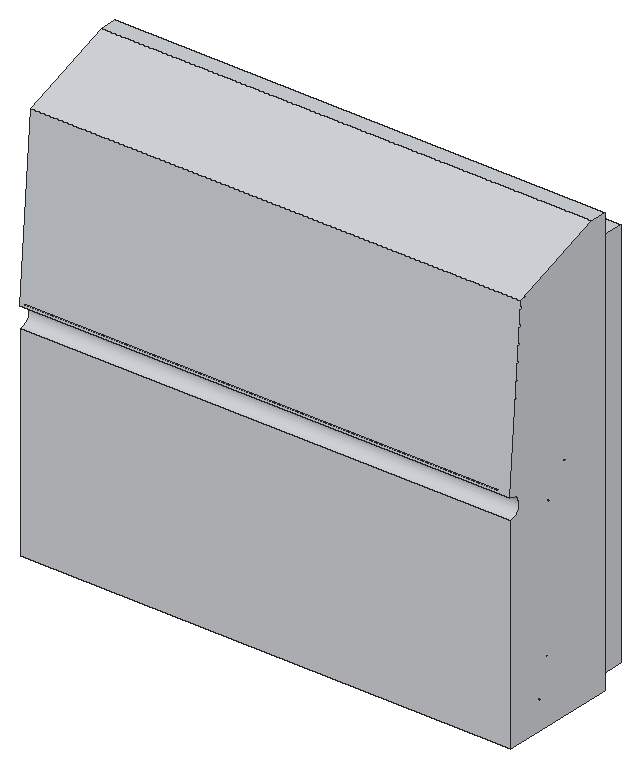
Revit family "Condicionador de Ar - Sistema Split - Não Hospedado - 12-60 kBtu", category Equipamento mecânico, Revit 2019
Family settings
  Cota do conector redondo = Usar raio
  Tipo de parte = Normal
  Com base no plano de trabalho = Não
  Sempre na vertical = Sim
  Corte com vazios quando carregada = Não
  Compartilhado = Não
  Ponto de cálculo do ambiente = Não
Parameters (values of type "Padrão")
  Largura = 228 mm
  Voltagem = 0 V
  Número de pólos = 1
  Deslocamento da lâmina = Comprimento do painel traseiro / 3  # 216.667 mm
  Classificação de carga = Refrigeração
  Comprimento = 700 mm
  Altura = 611.5 mm
  Raio da drenagem = 6.35 mm
  Fluxo da drenagem [instance] = 0.0 GPM
  Diâmetro da drenagem = Raio da drenagem * 2  # 12.7 mm
  Raio DX de saída = 12.7 mm
  Diâmetro DX de saída = Raio DX de saída * 2  # 25.4 mm
  Raio DX de entrada = 12.7 mm
  Diâmetro DX de entrada = Raio DX de entrada * 2  # 25.4 mm
  Fluxo DX [instance] = 0.0 GPM
  Capacidade de refrigeração = 12000 Btu/h
  Comprimento do painel traseiro = 650 mm
  Carga aparente = 0 VA
  Material do ar condicionado = none
Reference planes
  plane 1 "Centro (Frente/Trás)": y = 0
  plane 2: z = 0
  plane 3 "Centro (Esquerda/Direita)": x = 0
  plane 4 "Parte frontal": y = -114
  plane 5 "Parte posterior": y = 114
  plane 6 "Esquerda": x = -350
  plane 7 "Direita": x = 350
  plane 8 "Inferior": z = 0
  plane 9 "Superior": z = 611.5
  plane 10: x = -325
  plane 11: x = 325
  plane 12 "traseira do painel frontal": y = 55
  plane 13: z = 305.75
  plane 14 "Topo do painel traseiro": z = 561.5
  plane 15 "Conexões cl": y = -29.5
Forms (mm)
  Extrusion 1, solid, material <- "Material do ar condicionado"
    sketch origin (0, 0, 0) x (0, 1, 0) y (0, 0, 1)
      loop
        line (-114, 0) -> (55, 0) -> (55, 611.5) -> (31.035, 611.5) -> (-96.139, 565.212) -> (-115.211, 320.704)
        arc (-115.211, 320.704) -> (-99.009, 306.356) -> (-114, 290.747) r 15.003
        line (-114, 290.747) -> (-114, 0)
    from -350 to 350
  Extrusion 2, solid, material <- "Material do ar condicionado"
    sketch origin (0, 55, 0) x (-1, 0, 0) y (0, 0, -1)
      loop
        line (325, -561.5) -> (325, 0) -> (-325, 0) -> (-325, -561.5) -> (325, -561.5)
    from 0 to -59
  Extrusion 3, solid, material <- "Material do ar condicionado"
    sketch origin (350, 0, 0) x (0, 1, 0) y (0, 0, -1)
      loop
        circle (-54.9, -50) r 12.7
      loop
        circle (-42.2, -100) r 12.7
      loop
        circle (-16.8, -75) r 6.35
      loop
        circle (-29.5, -305.75) r 25
    from 0 to 25
Lines and regions (mm)
  model lines
    curve 1: line (-350, -114, 50) -> (350, -114, 50)
    curve 2: line (-350, -114, 255.75) -> (350, -114, 255.75)
    curve 3: line (-350, -114, 75.719) -> (350, -114, 75.719)
    curve 4: line (-350, -114, 101.438) -> (350, -114, 101.438)
    curve 5: line (-350, -114, 127.156) -> (350, -114, 127.156)
    curve 6: line (-350, -114, 152.875) -> (350, -114, 152.875)
    curve 7: line (-350, -114, 178.594) -> (350, -114, 178.594)
    curve 8: line (-350, -114, 204.313) -> (350, -114, 204.313)
    curve 9: line (-350, -114, 230.031) -> (350, -114, 230.031)
    curve 10: line (-325, -72.647, 573.763) -> (325, -72.647, 573.763)
    curve 11: line (-325, 7.542, 602.949) -> (325, 7.542, 602.949)
    curve 12: line (-325, -52.6, 581.06) -> (325, -52.6, 581.06)
    curve 13: line (-325, -32.552, 588.356) -> (325, -32.552, 588.356)
    curve 14: line (-325, -12.505, 595.653) -> (325, -12.505, 595.653)
    curve 15: line (-325, -72.647, 573.763) -> (-325, 7.542, 602.949)
    curve 16: line (325, -72.647, 573.763) -> (325, 7.542, 602.949)
    curve 17: line (108.333, -72.647, 573.763) -> (108.333, 7.542, 602.949)
    curve 18: line (-108.333, -72.647, 573.763) -> (-108.333, 7.542, 602.949)
Dimensions and locks
  equal spacing: plane 6 "Esquerda", plane 3 "Centro (Esquerda/Direita)", plane 7 "Direita"
  "Comprimento": plane 6 "Esquerda" to plane 7 "Direita"
  equal spacing: plane 5 "Parte posterior", plane 1 "Centro (Frente/Trás)", plane 4 "Parte frontal"
  "Largura": plane 4 "Parte frontal" to plane 5 "Parte posterior"
  equal spacing: plane 10, plane 3 "Centro (Esquerda/Direita)", plane 11
  "Comprimento do painel traseiro": plane 10 to plane 11
  locked: plane 12 "traseira do painel frontal" to plane 5 "Parte posterior" at 59
  equal spacing: plane 9 "Superior", plane 13, plane 8 "Inferior"
  "Altura": plane 9 "Superior" to plane 8 "Inferior"
  locked: Extrusion 1 sketch curve to plane 12 "traseira do painel frontal" at 23.965
  locked: plane 9 "Superior" to plane 14 "Topo do painel traseiro" at 50
  locked: plane 13 to curve 2 at 50
  locked: curve 1 to plane 8 "Inferior" at 50
  equal spacing: curve 2, curve 9, curve 8, curve 7, curve 6, curve 5, curve 4, curve 3, curve 1
  locked: curve 11 to Extrusion 1 at 25
  locked: Extrusion 1 to curve 10 at 25
  equal spacing: curve 10, curve 12, curve 13, curve 14, curve 11
  equal spacing: curve 17, plane 3 "Centro (Esquerda/Direita)", curve 18
  "Deslocamento da lâmina": curve 17 to curve 18
  equal spacing: plane 4 "Parte frontal", plane 15 "Conexões cl", plane 12 "traseira do painel frontal"
  locked: Extrusion 3 sketch curve to plane 8 "Inferior" at 50
  "Diâmetro DX de entrada": Extrusion 3 sketch curve to plane 15 "Conexões cl"
  locked: Extrusion 3 sketch curve to plane 8 "Inferior" at 75
  locked: Extrusion 3 sketch curve to plane 8 "Inferior" at 100
  "Raio DX de saída": Extrusion 3 sketch curve to plane 15 "Conexões cl"
  "Diâmetro da drenagem": plane 15 "Conexões cl" to Extrusion 3 sketch curve
  radius of Extrusion 1 sketch curve = 15.003 mm
  "Raio DX de entrada": radius of Extrusion 3 sketch curve
  "Raio DX de saída": radius of Extrusion 3 sketch curve
  "Raio da drenagem": radius of Extrusion 3 sketch curve
  locked: plane 9 "Superior" to Extrusion 1 sketch curve (angle 20.00°)
  locked: Extrusion 1 sketch curve to plane 4 "Parte frontal" (angle 4.46°)
  aligned and locked: level to plane 2
  aligned and locked: plane 8 "Inferior" to plane 2
  aligned and locked: plane 13 to Extrusion 1 sketch curve
  aligned and locked: plane 4 "Parte frontal" to Extrusion 1 sketch curve  (x2)
  aligned and locked: Extrusion 1 sketch curve to plane 8 "Inferior"
  aligned and locked: Extrusion 1 sketch curve to plane 12 "traseira do painel frontal"
  aligned and locked: plane 9 "Superior" to Extrusion 1 sketch curve
  aligned and locked: Extrusion 1 to plane 7 "Direita"
  aligned and locked: Extrusion 1 to plane 6 "Esquerda"
  aligned and locked: plane 8 "Inferior" to Extrusion 2 sketch curve
  aligned and locked: plane 10 to Extrusion 2 sketch curve
  aligned and locked: Extrusion 2 sketch curve to plane 14 "Topo do painel traseiro"
  aligned and locked: plane 11 to Extrusion 2 sketch curve
  aligned and locked: Extrusion 2 to plane 12 "traseira do painel frontal"
  aligned and locked: Extrusion 2 to plane 5 "Parte posterior"
  aligned and locked: plane 6 "Esquerda" to curve 1
  aligned and locked: plane 6 "Esquerda" to curve 3
  aligned and locked: plane 6 "Esquerda" to curve 4
  aligned and locked: plane 6 "Esquerda" to curve 5
  aligned and locked: plane 6 "Esquerda" to curve 6
  aligned and locked: plane 6 "Esquerda" to curve 7
  aligned and locked: plane 6 "Esquerda" to curve 8
  aligned and locked: plane 6 "Esquerda" to curve 9
  aligned and locked: plane 6 "Esquerda" to curve 2
  aligned and locked: plane 7 "Direita" to curve 1
  aligned and locked: plane 7 "Direita" to curve 3
  aligned and locked: plane 7 "Direita" to curve 4
  aligned and locked: plane 7 "Direita" to curve 5
  aligned and locked: plane 7 "Direita" to curve 6
  aligned and locked: plane 7 "Direita" to curve 7
  aligned and locked: plane 7 "Direita" to curve 8
  aligned and locked: plane 7 "Direita" to curve 9
  aligned and locked: plane 7 "Direita" to curve 2
  aligned and locked: plane 10 to curve 11
  aligned and locked: plane 10 to curve 10
  aligned and locked: plane 10 to curve 12
  aligned and locked: plane 10 to curve 13
  aligned and locked: plane 10 to curve 14
  aligned and locked: plane 11 to curve 10
  aligned and locked: plane 11 to curve 12
  aligned and locked: plane 11 to curve 13
  aligned and locked: plane 11 to curve 14
  aligned and locked: plane 11 to curve 11
  aligned and locked: plane 10 to curve 15
  aligned and locked: curve 16 to plane 11
  aligned and locked: curve 10 to curve 16
  aligned and locked: curve 11 to curve 16
  aligned and locked: plane 13 to Extrusion 3 sketch curve
  aligned and locked: plane 15 "Conexões cl" to Extrusion 3 sketch curve
  aligned and locked: Extrusion 3 to plane 7 "Direita"
  aligned and locked: plane 11 to Extrusion 3
Automatic sketch dimensions
  Extrusion 1 sketch curve to plane 4 "Parte frontal" = 1.211 mm
  Extrusion 1 to curve 10 = 25 mm
  curve 11 to curve 18 = 216.667 mm
  curve 18 to curve 17 = 216.667 mm
  Extrusion 1 to curve 16 = 25 mm
  radius of Extrusion 3 sketch curve = 25 mm
Connectors
  electrical at (350, -29.5, 305.75), driven by "Número de pólos", driven by "Classificação de carga", driven by "Voltagem", driven by "Carga aparente"
    settings: on Extrusion 3, index 3, voltage 0 V, apparent load 0 VA, apparent load phase1 0 VA, apparent load phase2 0 VA, apparent load phase3 0 VA, power factor 0.8, load classification "Refrigeração", number of poles 1, system type 30, power factor state 1, is connector primary yes, connector utility no, sub classification motor no, connector description "Potência"
  piping at (350, -54.9, 50), diameter 25.4, driven by "Fluxo DX", driven by "Raio DX de entrada"
    settings: on Extrusion 3, index 4, connector inside diameter 25.4 mm, connector length 0 mm, flow factor 0, pipe flow 0.0 GPM, pressure drop 0.0 Pa, fitting loss kfactor 0, connector angle 0.00°, fixture units 0, engagement length 0 mm, angle of deflection 0.00°, flow configuration 1, flow direction 1, fitting loss method 0, system type 22, joint type 0, gender type 0, connector reference index 5, connector utility 0, adjustable connector no, is connector primary yes, connector description "Entrada do refrigerante"
  piping at (350, -42.2, 100), diameter 25.4, driven by "Fluxo DX", driven by "Raio DX de saída"
    settings: on Extrusion 3, index 5, connector inside diameter 25.4 mm, connector length 0 mm, flow factor 0, pipe flow 0.0 GPM, pressure drop 0.0 Pa, fitting loss kfactor 0, connector angle 0.00°, fixture units 0, engagement length 0 mm, angle of deflection 0.00°, flow configuration 1, flow direction 2, fitting loss method 0, system type 22, joint type 0, gender type 0, connector reference index 4, connector utility 0, adjustable connector no, is connector primary no, connector description "Saída do refrigerante"
  piping at (350, -16.8, 75), diameter 12.7, driven by "Fluxo DX", driven by "Raio da drenagem"
    settings: on Extrusion 3, index 6, connector inside diameter 12.7 mm, connector length 0 mm, flow factor 0, pipe flow 0.0 GPM, pressure drop 0.0 Pa, fitting loss kfactor 0, connector angle 0.00°, fixture units 0, engagement length 0 mm, angle of deflection 0.00°, flow configuration 1, flow direction 2, fitting loss method 0, system type 16, joint type 0, gender type 0, connector reference index -1, connector utility 0, adjustable connector yes, is connector primary no, connector description "Saída da drenagem"
Types in the file's own list only (7): name | Largura | Deslocamento da lâmina | Comprimento | Altura | Raio da drenagem | Diâmetro da drenagem | Raio DX de saída | Diâmetro DX de saída | Raio DX de entrada | Diâmetro DX de entrada | Capacidade de refrigeração | Comprimento do painel traseiro
  12000 Btu/h | 229 mm | 321 mm | 1085 mm | 612 mm | 6 mm | 13 mm | 13 mm | 25 mm | 13 mm | 25 mm | 12000 Btu/h | 962 mm
  18000 Btu/h | 229 mm | 404 mm | 1335 mm | 612 mm | 6 mm | 13 mm | 13 mm | 25 mm | 13 mm | 25 mm | 18000 Btu/h | 1212 mm
  24000 Btu/h | 229 mm | 404 mm | 1335 mm | 612 mm | 6 mm | 13 mm | 13 mm | 25 mm | 13 mm | 25 mm | 24000 Btu/h | 1212 mm
  30000 Btu/h | 229 mm | 487 mm | 1585 mm | 612 mm | 6 mm | 13 mm | 13 mm | 25 mm | 13 mm | 25 mm | 30000 Btu/h | 1462 mm
  36000 Btu/h | 229 mm | 487 mm | 1585 mm | 612 mm | 6 mm | 13 mm | 13 mm | 25 mm | 13 mm | 25 mm | 36000 Btu/h | 1462 mm
  48000 Btu/h | 229 mm | 571 mm | 1835 mm | 612 mm | 6 mm | 13 mm | 13 mm | 25 mm | 13 mm | 25 mm | 48000 Btu/h | 1712 mm
  60000 Btu/h | 229 mm | 654 mm | 2085 mm | 612 mm | 6 mm | 13 mm | 13 mm | 25 mm | 13 mm | 25 mm | 60000 Btu/h | 1962 mm
